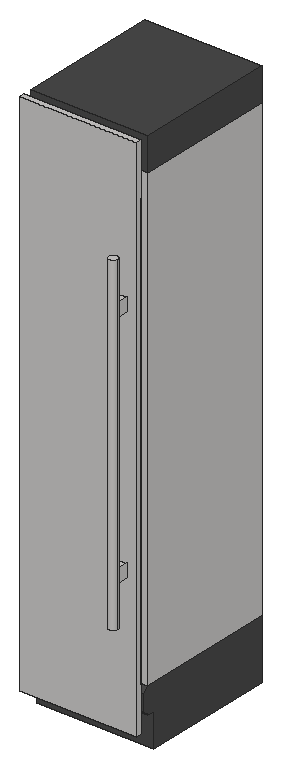
Revit family "M_Congelador", category Equipamento especial, Revit 2019
Family settings
  Cota do conector redondo = Utilizar diâmetro
  Tipo de parte = Normal
  Número OmniClass = 23.40.40.14
  Título OmniClass = Food Service Equipment
  Com base no plano de trabalho = Não
  Sempre na vertical = Sim
  Corte com vazios quando carregada = Não
  Compartilhado = Não
  Ponto de cálculo do ambiente = Não
Parameters (values of type "450mm LH")
  Largura = 450 mm
  Deslocamento de parede = 100 mm
  Voltagem = 120 V
  URL = ""
  Type Comments = ""
  Mostrar legenda = yes
  RH = no
  Consumo de energia = 1000 VA
  Model = ""
  Acabamento mecânico = Eletrodoméstico – Aço – Preto
  Manufacturer = ""
  Legenda = "Congelador"
  LH = not(RH)  # yes
  Keynote = ""
  Junta = Eletrodoméstico – Junta
  Altura = 2150 mm
  Linha de centro do puxador = if(RH, 50 mm, (Largura - 50 mm))  # 400 mm
  Descrição = "Congelador"
  Linear = 600 mm
  Custo = 0
  Código de montagem = "E1090320"
  Acabamento do eletrodoméstico = Eletrodoméstico – Aço inoxidável
  Amperagem = Consumo de energia / Voltagem  # 8.33333 A
Reference planes
  plane 1 "Parte posterior": y = 0
  plane 2: z = 0
  plane 3 "Centro (Esquerda/Direita)": x = 0
  plane 4 "Esquerda": x = -225
  plane 5 "Direita": x = 225
  plane 6: y = -100
  plane 7 "Parte frontal": y = -700
  plane 8 "Traseira da porta": y = -649.2
  plane 9 "Superior": z = 2150
  plane 10 "Porta B.O.": z = 101.6
  plane 11: z = 2023
  plane 12: x = 175
  plane 13: z = 1756.3
  plane 14: z = 482.6
  plane 15 "Porta interior inferior": z = 254
Forms (mm)
  Extrusion 1, solid, material "Eletrodoméstico – Aço inoxidável" <- "Acabamento do eletrodoméstico"
    sketch origin (0, 0, 0) x (1, 0, 0) y (0, 1, 0)
      loop
        line (-225, -100) -> (-225, -649.2) -> (225, -649.2) -> (225, -100) -> (-225, -100)
    from 254 to 2023
  Extrusion 2, solid, material "Eletrodoméstico – Aço inoxidável" <- "Acabamento do eletrodoméstico", detail levels fine
    sketch origin (0, -700, 0) x (-1, 0, 0) y (0, 0, 1)
      loop
        line (-165.475, 1603.9) -> (-184.525, 1603.9) -> (-184.525, 1553.1) -> (-165.475, 1553.1) -> (-165.475, 1603.9)
      loop
        line (-165.475, 685.8) -> (-184.525, 685.8) -> (-184.525, 635) -> (-165.475, 635) -> (-165.475, 685.8)
    from -42.559 to 0
  Extrusion 3, solid, material "Eletrodoméstico – Aço inoxidável" <- "Acabamento do eletrodoméstico", detail levels fine
    sketch origin (0, 0, 0) x (1, 0, 0) y (0, 1, 0)
      loop
        circle (175, -751.174) r 15.875
    from 482.6 to 1756.3
  Extrusion 4, solid, material "Eletrodoméstico – Aço inoxidável" <- "Acabamento do eletrodoméstico"
    sketch origin (0, -700, 0) x (-1, 0, 0) y (0, 0, 1)
      loop
        line (225, 2150) -> (-225, 2150) -> (-225, 101.6) -> (225, 101.6) -> (225, 2150)
    from 0 to 19.05
  Extrusion 5, solid, material "Eletrodoméstico – Aço – Preto" <- "Acabamento mecânico"
    sketch origin (0, 0, 0) x (0, 1, 0) y (0, 0, 1)
      loop
        line (-100, 254) -> (-649.2, 254) -> (-668.25, 234.95) -> (-668.25, 174.625) -> (-646.025, 152.4) -> (-617.45, 152.4) -> (-617.45, 25.4) -> (-100, 25.4) -> (-100, 254)
      loop
        line (-100, 2150) -> (-649.2, 2150) -> (-649.2, 2023) -> (-100, 2023) -> (-100, 2150)
    from -225 to 225
  Extrusion 6, solid, material "Eletrodoméstico – Junta" <- "Junta"
    sketch origin (0, 0, 254) x (-1, 0, 0) y (0, -1, 0)
      loop
        line (212.3, 680.95) -> (-212.3, 680.95) -> (-212.3, 676.188)
        arc (-212.3, 676.188) -> (-211.835, 675.065) -> (-210.713, 674.6) r 1.587
        line (-210.713, 674.6) -> (-207.538, 674.6)
        arc (-207.538, 674.6) -> (-206.415, 674.135) -> (-205.95, 673.013) r 1.587
        line (-205.95, 673.013) -> (-205.95, 657.138)
        arc (-205.95, 657.138) -> (-205.485, 656.015) -> (-204.363, 655.55) r 1.587
        line (-204.363, 655.55) -> (-199.6, 655.55)
        arc (-199.6, 655.55) -> (-202.775, 652.375) -> (-199.6, 649.2) r 3.175
        line (-199.6, 649.2) -> (199.6, 649.2)
        arc (199.6, 649.2) -> (202.775, 652.375) -> (199.6, 655.55) r 3.175
        line (199.6, 655.55) -> (204.362, 655.55)
        arc (204.362, 655.55) -> (205.485, 656.015) -> (205.95, 657.138) r 1.587
        line (205.95, 657.138) -> (205.95, 673.013)
        arc (205.95, 673.013) -> (206.415, 674.135) -> (207.537, 674.6) r 1.587
        line (207.537, 674.6) -> (210.712, 674.6)
        arc (210.712, 674.6) -> (211.835, 675.065) -> (212.3, 676.188) r 1.587
        line (212.3, 676.188) -> (212.3, 680.95)
    from 0 to 1769
Cuts and joins
  joined: Extrusion 2, Extrusion 3
Lines and regions (mm)
  Split face 1
    outline origin (-225, -100, 0) x (1, 0, 0) y (0, 0, -1)
      loop
        circle (225, -482.6) r 12.7
  Masking region 1
    outline origin (0, 0, 0) x (1, 0, 0) y (0, 1, 0)
      loop
        line (-225, -100) -> (-225, -700) -> (225, -700) -> (225, -100) -> (-225, -100)
  Masking region 2, detail levels fine
    outline origin (0, 0, 0) x (1, 0, 0) y (0, 1, 0)
      loop
        line (184.525, -738.474) -> (184.525, -700) -> (165.475, -700) -> (165.475, -738.474)
        arc (165.475, -738.474) -> (160.801, -744.075) -> (159.125, -751.174) r 15.875
        arc (159.125, -751.174) -> (175, -767.049) -> (190.875, -751.174) r 15.875
        arc (190.875, -751.174) -> (189.199, -744.075) -> (184.525, -738.474) r 15.875
  Split face 2
    outline origin (-225, -100, 0) x (1, 0, 0) y (0, 0, -1)
      loop
        circle (221.4, -1756.3) r 12.7
  symbolic lines, style "Eletrodomésticos – Giro da planta", visible <- "LH", detail levels medium+fine
    curve 1: arc (225, -700, 0) -> (93.198, -1018.198, 0) -> (-225, -1150, 0) r 450
    curve 2: line (-225, -700, 0) -> (-225, -1150, 0)
  symbolic lines, style "Eletrodomésticos – Giro da planta", visible <- "RH", detail levels medium+fine
    curve 3: arc (-225, -700, 0) -> (-93.198, -1018.198, 0) -> (225, -1150, 0) r 450
    curve 4: line (225, -1150, 0) -> (225, -700, 0)
  symbolic lines, style "Eletrodomésticos"
    curve 5: line (-225, -100, 0) -> (225, -100, 0)
    curve 6: line (-225, -700, 0) -> (-225, -100, 0)
    curve 7: line (225, -700, 0) -> (-225, -700, 0)
    curve 8: line (225, -100, 0) -> (225, -700, 0)
    curve 9: line (-225, -649.2, 0) -> (225, -649.2, 0)
  symbolic lines, style "Eletrodomésticos", detail levels fine
    curve 10: arc (190.875, -751.174, 0) -> (175, -735.299, 0) -> (159.125, -751.174, 0) r 15.875
    curve 11: arc (159.125, -751.174, 0) -> (175, -767.049, 0) -> (190.875, -751.174, 0) r 15.875
    curve 12: line (184.525, -738.474, 0) -> (184.525, -700, 0)
    curve 13: line (165.475, -700, 0) -> (165.475, -738.474, 0)
Dimensions and locks
  equal spacing: plane 4 "Esquerda", plane 3 "Centro (Esquerda/Direita)", plane 5 "Direita"
  "Largura": plane 4 "Esquerda" to plane 5 "Direita"
  "Linear": plane 6 to plane 7 "Parte frontal"
  "Deslocamento de parede": plane 1 "Parte posterior" to plane 6
  "Altura": plane 9 "Superior" to level
  plane 10 "Porta B.O." to level = 101.6 mm
  locked: plane 8 "Traseira da porta" to plane 7 "Parte frontal" at 50.8
  plane 9 "Superior" to plane 11 = 127 mm
  locked: plane 11 to plane 13 at 266.7
  locked: plane 14 to plane 10 "Porta B.O." at 381
  Extrusion 2 sketch curve to plane 12 to Extrusion 2 sketch curve = 9.525 mm locked, 9.525 mm locked  (x2)
  plane 13 to Extrusion 2 sketch curve to Extrusion 2 sketch curve = 152.4 mm locked, 50.8 mm locked
  Extrusion 2 sketch curve to Extrusion 2 sketch curve to plane 14 = 50.8 mm locked, 152.4 mm locked
  locked: plane 7 "Parte frontal" to Extrusion 3 sketch curve at 51.174
  "Linha de centro do puxador": plane 4 "Esquerda" to plane 12
  equal spacing: plane 6, nested 1, plane 8 "Traseira da porta"
  locked: plane 15 "Porta interior inferior" to level at 254
  Extrusion 5 sketch curve to plane 10 "Porta B.O." to Extrusion 5 sketch curve = 50.8 mm locked, 76.2 mm locked
  Extrusion 5 sketch curve to plane 8 "Traseira da porta" to Extrusion 5 sketch curve = 31.75 mm locked, 19.05 mm locked
  "Largura": radius of curve 3
  "Largura": radius of curve 1
  aligned and locked: plane 2 to level
  aligned and locked: Extrusion 1 sketch curve to plane 6
  aligned and locked: plane 4 "Esquerda" to Extrusion 1 sketch curve
  aligned and locked: plane 8 "Traseira da porta" to Extrusion 1 sketch curve
  aligned and locked: Extrusion 1 sketch curve to plane 5 "Direita"
  aligned and locked: plane 7 "Parte frontal" to Extrusion 2
  aligned and locked: plane 12 to Extrusion 3 sketch curve
  aligned and locked: Extrusion 3 to plane 14
  aligned and locked: plane 13 to Extrusion 3
  aligned and locked: plane 3 "Centro (Esquerda/Direita)" to Split face 1 sketch curve
  aligned and locked: plane 13 to cut or joined group of Extrusion 2, Extrusion 3
  aligned and locked: plane 4 "Esquerda" to Extrusion 4 sketch curve
  aligned and locked: Extrusion 4 sketch curve to plane 5 "Direita"
  aligned and locked: plane 10 "Porta B.O." to Extrusion 4 sketch curve
  aligned and locked: plane 3 "Centro (Esquerda/Direita)" to nested 1
  aligned and locked: Masking region 1 sketch curve to plane 5 "Direita"
  aligned and locked: Masking region 1 sketch curve to plane 6
  aligned and locked: plane 4 "Esquerda" to Masking region 1 sketch curve
  aligned and locked: plane 7 "Parte frontal" to Masking region 1 sketch curve
  aligned and locked: Masking region 2 sketch curve to cut or joined group of Extrusion 2, Extrusion 3  (x5)
  aligned and locked: Masking region 2 sketch curve to plane 7 "Parte frontal"
  aligned and locked: Extrusion 4 sketch curve to plane 9 "Superior"
  aligned and locked: plane 14 to Split face 1 sketch curve
  aligned and locked: Extrusion 1 to plane 15 "Porta interior inferior"
  aligned and locked: plane 6 to Extrusion 5 sketch curve  (x2)
  aligned and locked: plane 15 "Porta interior inferior" to Extrusion 5 sketch curve
  aligned and locked: plane 5 "Direita" to Extrusion 5
  aligned and locked: Extrusion 5 to plane 4 "Esquerda"
  aligned and locked: plane 11 to Extrusion 1
  aligned and locked: plane 9 "Superior" to Extrusion 5 sketch curve
  aligned and locked: Extrusion 5 sketch curve to Extrusion 1  (x2)
  aligned and locked: plane 11 to Extrusion 6
Automatic sketch dimensions
  Extrusion 5 sketch curve to plane 8 "Traseira da porta" = 0 mm
  plane 8 "Traseira da porta" to Extrusion 5 sketch curve = 3.175 mm
  Extrusion 5 sketch curve to Extrusion 5 sketch curve = 22.225 mm
  Extrusion 5 sketch curve to plane 15 "Porta interior inferior" = 19.05 mm
  Extrusion 6 sketch curve to plane 8 "Traseira da porta" = 0 mm
  Extrusion 6 sketch curve to plane 5 "Direita" = 12.7 mm
  Extrusion 6 sketch curve to Extrusion 6 sketch curve = 1.587 mm  (x4)
  Extrusion 6 sketch curve to Extrusion 6 sketch curve = 3.175 mm  (x2)
  Extrusion 6 sketch curve to plane 8 "Traseira da porta" = 7.937 mm
  Extrusion 6 sketch curve to Extrusion 6 sketch curve = 1.588 mm  (x2)
  Extrusion 6 sketch curve to Extrusion 6 sketch curve = 4.763 mm  (x3)
  Extrusion 6 sketch curve to plane 8 "Traseira da porta" = 3.175 mm
  plane 4 "Esquerda" to Extrusion 6 sketch curve = 25.4 mm
  Extrusion 6 sketch curve to Extrusion 6 sketch curve = 15.875 mm  (x2)
  Split face 2 sketch curve to Extrusion 1 = 228.6 mm
  Split face 2 sketch curve to Extrusion 1 = 266.7 mm
  curve 1 to plane 4 "Esquerda" = 0 mm
  curve 13 to plane 7 "Parte frontal" = 0 mm
  curve 11 to plane 12 = 0 mm
  curve 9 to plane 8 "Traseira da porta" = 0 mm
  curve 5 to plane 6 = 0 mm
  curve 11 to plane 7 "Parte frontal" = 51.174 mm
  curve 11 to plane 12 = 15.875 mm
  curve 13 to plane 12 = 9.525 mm
  plane 12 to curve 12 = 9.525 mm
  radius of Extrusion 3 sketch curve = 15.875 mm
  radius of Split face 1 sketch curve = 12.7 mm
  radius of Split face 2 sketch curve = 12.7 mm
Nested families
  nested 1: "Anotação de legenda de 2,5" at (0, -374.6, 0), visible <- "Mostrar legenda", type "Anotação de legenda de 2,5"
Connectors
  piping at (0, -101.6, 482.6), diameter 6.35
    settings: on Extrusion 1, index 2, connector inside diameter 609.6 mm, connector length 0 mm, flow factor 0, pipe flow 0.0 L/s, pressure drop 0.0 Pa, fitting loss kfactor 0, connector angle 0.00°, fixture units 1, engagement length 0 mm, angle of deflection 0.00°, flow configuration 3, flow direction 1, fitting loss method 0, system type 20, joint type 0, gender type 0, connector reference index -1, connector utility 0, adjustable connector no, is connector primary yes, connector description "Gelo – Suprimento de água"
  electrical at (-3.6, -100, 1756.3), driven by "Voltagem", driven by "Consumo de energia"
    settings: on Extrusion 1, index 3, voltage 120 V, apparent load 1000 VA, apparent load phase1 0 VA, apparent load phase2 0 VA, apparent load phase3 0 VA, power factor 1, load classification "Eletrodoméstico", number of poles 1, system type 30, power factor state 1, is connector primary yes, connector utility no, sub classification motor no, connector description "Potência do refrigerador"
Definition of nested family "Anotação de legenda de 2,5"
  Parameters
    Legenda = "Congelador 36 LH"
  Reference planes
    plane 1: y = 0
    plane 2: x = 0
  Text (mm)
    label "Legenda" at (0.095, -0.088, 0), shows "Legenda"
Types in the file's own list only (7): name | Largura | Mostrar legenda | RH | LH | Altura | Linha de centro do puxador | Custo | Amperagem
  450mm RH | 450 mm | Sim | Sim | Não | 2100 mm | 50 mm | 0.00 $ | 8.3 A
  600mm LH | 600 mm | Sim | Não | Sim | 2100 mm | 550 mm | 0.00 $ | 8.3 A
  600mm RH | 600 mm | Sim | Sim | Não | 2100 mm | 50 mm | 0.00 $ | 8.3 A
  750mm LH | 750 mm | Sim | Não | Sim | 2100 mm | 700 mm | 0.00 $ | 8.3 A
  750mm RH | 750 mm | Sim | Sim | Não | 2100 mm | 50 mm | 0.00 $ | 8.3 A
  900mm LH | 900 mm | Sim | Não | Sim | 2100 mm | 850 mm | 0.00 $ | 8.3 A
  900mm RH | 900 mm | Sim | Sim | Não | 2100 mm | 50 mm | 0.00 $ | 8.3 A
